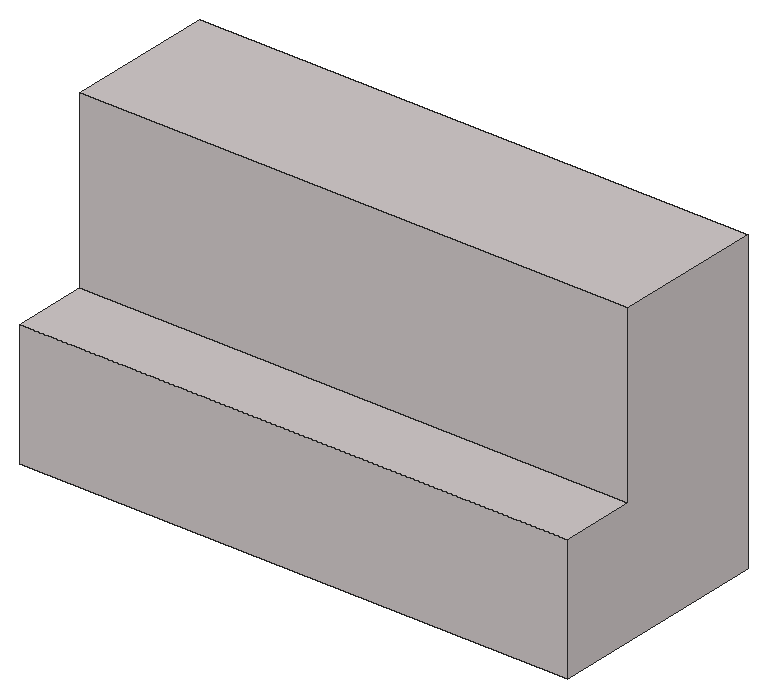
Revit family
Parameters (values of type "18LB24")
  Start Extension Calculation [instance] = 10' 0 1/2" + Start Extension  # 10' - 0"
  Start Extension [instance] = -0' - 0 1/2"
  Seat = 0' - 6"
  End Extension Calculation [instance] = 10' 0 1/2" + End Extension  # 10' - 0"
  End Extension [instance] = -0' - 0 1/2"
  Beam Material [instance] = Concrete - Precast Concrete - Normal Weight - 5 ksi
  Assembly Code = "B10"
  Length [instance] = 5' - 0"
  b = 1' - 6"
  h = 2' - 0"
  h1 = 1' - 2"
Types (4): name | h | h1
  (no name) | 2' - 0" | 1' - 2"
  18LB20 | 1' - 8" | 1' - 0"
  18LB24 | 2' - 0" | 1' - 2"
  18LB48 | 4' - 0" | 2' - 8"
Reference planes (in)
  plane 1 "Center (Front/Back)": y = 0
  plane 2: z = 0
  plane 3 "Center (Left/Right)": x = 0.1815
  plane 4 "Member Left": x = -21.8185
  plane 5 "Member Right": x = 22.1815
  plane 6: y = 9
  plane 7: y = -9
  plane 8: z = 12
  plane 9 "Bottom": z = -12
  plane 10 "Left": x = -29.8185
  plane 11 "Right": x = 30.1815
  plane 12: x = -21.8185
  plane 13: x = 22.1815
  plane 14: x = 98.1815
  plane 15: x = -97.8185
Forms (in)
  Sweep 1, solid, material "Concrete - Precast Concrete - Normal Weight - 5 ksi" <- "Beam Material"
    path origin (0, 0, 0) x (1, 0, 0) y (0, 1, 0)
      loop
        line (22.1815, 0) -> (-21.8185, 0)
    profile "L Shape-Profile : L Shape-Profile" origin (0.1815, 0, 0) x (0, -1, 0) y (0, 0, 1)
      loop
        line (9, -12) -> (9, -2) -> (3, -2) -> (3, 12) -> (-9, 12) -> (-9, -12) -> (9, -12)
Dimensions and locks (in)
  "b": plane 6 to plane 7
  equal spacing: plane 9 "Bottom", plane 2, plane 8
  equal spacing: plane 6, plane 1 "Center (Front/Back)", plane 7
  "h": plane 9 "Bottom" to plane 8
  "Length": plane 10 "Left" to plane 11 "Right"
  locked: plane 4 "Member Left" to plane 14 at 120
  locked: plane 15 to plane 5 "Member Right" at 120
  "Start Extension Calculation": plane 12 to plane 14
  "End Extension Calculation": plane 15 to plane 13
  aligned and locked: Sweep 1 sketch curve to plane 1 "Center (Front/Back)"
  aligned and locked: plane 12 to Sweep 1 sketch curve
  aligned and locked: plane 13 to Sweep 1 sketch curve
